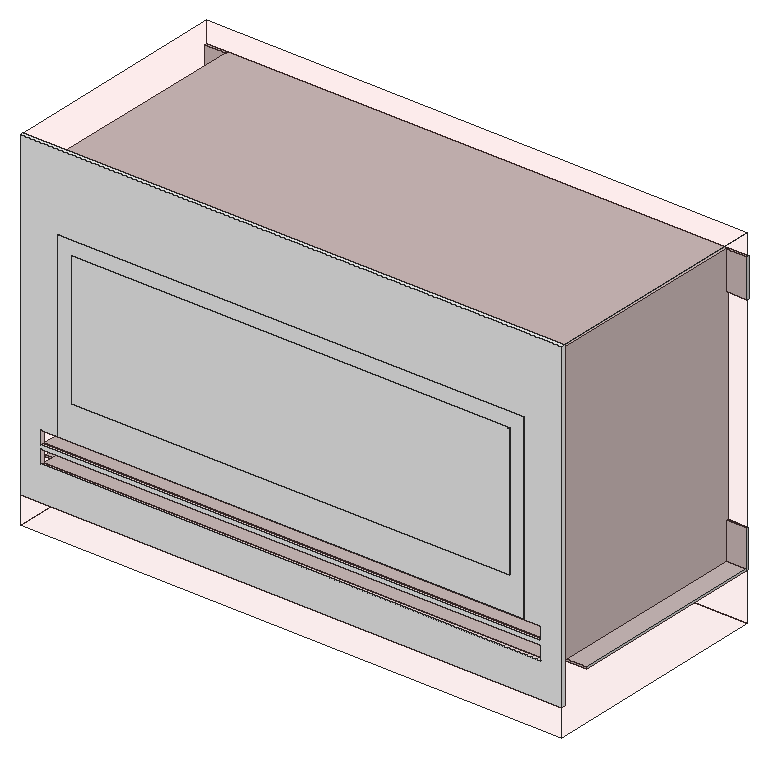
Revit family "Air-Curtain_Customer-Entry_PoweredAire_CLD-CHD", category Mechanical Equipment, host Face, Revit 2025
Family settings
  Host = Face
  Round Connector Dimension = Use Diameter
  Part Type = Normal
  OmniClass Number = 23.75.35.17.21
  OmniClass Title = Air Curtains
  Cut with Voids When Loaded = No
  Maintain Annotation Orientation = No
  Shared = No
  Room Calculation Point = No
Parameters
  Warranty Duration (Years) = 0
  Unit Width Notes = "Other Widths available."  # constant formula
  Unit Width = 3' - 3"
  Unit Weight = 0
  Unit Height = 1' - 4 3/4"
  Unit Depth = 1' - 11 1/4"
  URL = "http://www.poweredaire.com/"
  Test Data = ""
  Temperature Rise_Range = "as Specified"
  Standards Conformance = "as Specified"
  Specification = "http://www.arcat.com/sdspecs/htm04/23_34_33pai.htm"
  SpecWizard = ""
  Sound Pressure = "as Specified"
  Sales Information = "http://www.poweredaire.com/contact_us"
  Revision = "R1_2016-08"
  Projection from Host [instance] = 0' - 2"
  Product Properties = ""
  Product Data = "http://www.arcat.com/arcatcos/cos47/arc47623.html"
  Power Rating = 0 W
  Outlet Volume_Range = "as Specified"
  Outlet Velocity_Range = "as Specified"
  Nozzle Width = if(1 = 1, Unit Width - 0' 3", 0' 0")  # 3' - 0"
  Mounting Width = if(1 = 1, Unit Width - 0' 1 1/2", 0' 0")  # 3' - 1 1/2"
  Mounting Height [instance] = 3' - 6"
  Motor RPM = 0
  Motor HP = 0
  Motor Count = 0
  Model = "As Specified"
  Max Height = 0' - 0"
  Manufacturer Website = "http://www.poweredaire.com/"
  Manufacturer Phone - Toll Free = "888-321-2473"
  Manufacturer Phone = "724-588-3305"
  Manufacturer Fax = "724-588-3371"
  Manufacturer Address = "109 Mortensen Rd.  Greenville, PA 16125"
  Manufacturer = "Powered Aire, Inc"
  Maintenance Schedule (Months) = 0
  Keynote = "23 34 33"
  Installation-Fabrication = ""
  Installation Phase = ""
  Include Clearance [instance] = yes
  Heating Element Load = 0 W
  HVAC_Temperature Rise [instance] = 0 °F
  HVAC_Outlet Volume [instance] = 0 CFM
  HVAC_Outlet Velocity Uniformity = 0
  HVAC_Outlet Velocity [instance] = 0 FPM
  Green Building-LEED = "http://www.arcat.com/green/clients/leed_data_47623.html"
  Front Grating Material [instance] = Metal - Steel - PoweredAire - White Perforated
  Frame Finish [instance] = Metal - Steel - PoweredAire - Stainless 304
  Expected Lifespan (Years) = 0
  Electrical_Wattage [instance] = Power Rating + Heating Element Load  # 0 W
  Electrical_Voltage [instance] = 0 V
  Electrical_Phase [instance] = 1
  Electrical_Frequency [instance] = 0 Hz
  Electrical_Amperage [instance] = 0 A
  Drawn By = "Sumex Design, Inc. / Robert S. Weygant, CSI, CDT, SCIP"
  Description = "Powered Aire Air Curtain as Specified"
  Default Elevation = 0' - 0"  # constant formula
  Cover Finish [instance] = Metal - Steel - PoweredAire - White
  Copyright = "©Arcat Inc."
  Construction Details = "http://www.arcat.com/details/powair/prod3336.html"
  Clearance_Top [instance] = 0' - 0"
  Clearance_Side B [instance] = 0' - 0"
  Clearance_Side A [instance] = 0' - 0"
  Clearance_Intake [instance] = 0' - 0"
  Clearance_Front [instance] = 0' - 0"
  Clearance Material [instance] = ARCAT Clearance
  Building Codes = ""
  Available Options [instance] = "as Specified"
  Assembly Code = "D3090400"
Reference planes (in)
  plane 1 "Center (Elevation)": y = 8.51318
  plane 2: z = 0
  plane 3 "Center (Left/Right)": x = 0
  plane 4: y = 16.88818
  plane 5: y = 0.13818
  plane 6: x = -19.5
  plane 7: x = 19.5
  plane 8: z = 25.25
  plane 9 "FF": y = -41.86182
  plane 10: z = 2
  plane 11: x = 18
  plane 12: x = -18
  plane 13: y = 16.88818
  plane 14: y = 0.13818
  plane 15: x = -19.5
  plane 16: x = 19.5
  plane 17: z = 25.25
  plane 18: y = 0.38818
Forms (in)
  Extrusion 1, solid, material "ARCAT Clearance" <- "Clearance Material", visible <- "Include Clearance"
    sketch origin (0, 0, 0) x (0, 1, 0) y (0, 0, 1)
      loop
        line (0.13818, 25.25) -> (0.13818, 0) -> (16.88818, 0) -> (16.88818, 25.25) -> (0.13818, 25.25)
    from -19.5 to 19.5
  Extrusion 2, solid, material "Metal - Steel - PoweredAire - White" <- "Cover Finish"
    sketch origin (0, 8.51318, 0) x (1, 0, 0) y (0, 0, 1)
      loop
        line (-19.5, 25.25) -> (-19.5, 2) -> (19.5, 2) -> (19.5, 25.25) -> (-19.5, 25.25)
    from 8.125 to 8.375
  Extrusion 3, solid, material "Metal - Steel - PoweredAire - Stainless 304" <- "Frame Finish"
    sketch origin (0, 8.51318, 0) x (1, 0, 0) y (0, 0, 1)
      loop
        line (18, 23.75) -> (-18, 23.75) -> (-18, 3.5) -> (18, 3.5) -> (18, 23.75)
    from -8.375 to 8.125
  Extrusion 4, void
    sketch origin (0, 0, 0) x (0, 1, 0) y (0, 0, 1)
      loop
        line (0.13818, 5.5) -> (0.13818, 4.5) -> (1.88818, 4.5) -> (1.88818, 6.75) -> (0.13818, 6.75) -> (0.13818, 5.75) -> (1.63818, 5.75) -> (1.63818, 5.5) -> (0.13818, 5.5)
    from -18 to 18
  Extrusion 5, solid, material "Metal - Steel - PoweredAire - White" <- "Cover Finish"
    sketch origin (-11.83813, 0.13818, 48) x (-1, 0, 0) y (0, 0, 1)
      loop
        line (4.91187, -41.25) -> (4.91187, -28.25) -> (-28.58813, -28.25) -> (-28.58813, -41.25) -> (4.91187, -41.25)
    from 0 to -0.03125
  Extrusion 6, solid, material "Metal - Steel - PoweredAire - White Perforated" <- "Front Grating Material"
    sketch origin (-11.83813, 0.10693, 48) x (1, 0, 0) y (0, 0, 1)
      loop
        line (-3.91187, -29.25) -> (-3.91187, -38.75) -> (27.58813, -38.75) -> (27.58813, -29.25) -> (-3.91187, -29.25)
    from 0 to 0.03125
  Extrusion 7, solid, material "Metal - Steel - PoweredAire - Stainless 304" <- "Frame Finish"
    sketch origin (-15.17702, -180, 2) x (-1, 0, 0) y (0, -1, 0)
      loop
        line (-33.17702, -196.88818) -> (-33.17702, -182.38818) -> (-34.67702, -182.38818) -> (-34.67702, -196.88818) -> (-33.17702, -196.88818)
      loop
        line (2.82298, -196.88818) -> (4.32298, -196.88818) -> (4.32298, -182.38818) -> (2.82298, -182.38818) -> (2.82298, -196.88818)
    from 1.5 to 1.625
  Extrusion 8, solid, material "Metal - Steel - PoweredAire - Stainless 304" <- "Frame Finish"
    sketch origin (-11.83813, 16.88818, 48) x (-1, 0, 0) y (0, 0, 1)
      loop
        line (7.66187, -44.5) -> (7.66187, -41.75) -> (6.16187, -41.75) -> (6.16187, -44.5) -> (7.66187, -44.5)
      loop
        line (-31.33813, -44.5) -> (-29.83813, -44.5) -> (-29.83813, -41.75) -> (-31.33813, -41.75) -> (-31.33813, -44.5)
      loop
        line (7.66187, -27) -> (7.66187, -24.25) -> (6.16187, -24.25) -> (6.16187, -27) -> (7.66187, -27)
      loop
        line (-31.33813, -27) -> (-29.83813, -27) -> (-29.83813, -24.25) -> (-31.33813, -24.25) -> (-31.33813, -27)
    from 0 to -0.125
Cuts and joins
  Extrusion 4 cuts Extrusion 2
  Extrusion 4 cuts Extrusion 3
Dimensions and locks (in)
  equal spacing: plane 4, plane 1 "Center (Elevation)", plane 5
  "Unit Height": plane 4 to plane 5
  equal spacing: plane 6, plane 3 "Center (Left/Right)", plane 7
  "Unit Width": plane 6 to plane 7
  "Mounting Height": plane 5 to plane 9 "FF"
  "Projection from Host": plane 10 to level
  "Unit Depth": plane 8 to plane 10
  locked: plane 6 to plane 12 at 1.5
  locked: plane 11 to plane 7 at 1.5
  "Clearance_Side A": plane 7 to plane 16
  "Clearance_Side B": plane 15 to plane 6
  "Clearance_Top": plane 13 to plane 4
  "Clearance_Intake": plane 5 to plane 14
  "Clearance_Front": plane 17 to plane 8
  locked: plane 8 to Extrusion 3 sketch curve at 1.5
  locked: Extrusion 3 sketch curve to plane 10 at 1.5
  locked: plane 7 to Extrusion 3 sketch curve at 1.5
  locked: Extrusion 3 sketch curve to plane 6 at 1.5
  locked: plane 18 to plane 5 at 0.25
  Extrusion 4 sketch curve to Extrusion 4 sketch curve to Extrusion 4 sketch curve to Extrusion 4 sketch curve to plane 10 = 0' - 1" locked, 0' - 0 1/4" locked, 0' - 1" locked, 0' - 2 1/2" locked
  Extrusion 5 sketch curve to Extrusion 5 sketch curve to plane 10 = 1' - 1" locked, 0' - 4 3/4" locked
  locked: plane 11 to Extrusion 5 sketch curve at 1.25
  locked: Extrusion 5 sketch curve to plane 12 at 1.25
  Extrusion 6 sketch curve to Extrusion 6 sketch curve to plane 10 = 0' - 9 1/2" locked, 0' - 7 1/4" locked
  locked: Extrusion 6 sketch curve to plane 12 at 2.25
  locked: plane 11 to Extrusion 6 sketch curve at 2.25
  locked: plane 4 to Extrusion 7 sketch curve at 14.5  (x2)
  Extrusion 8 sketch curve to Extrusion 8 sketch curve to Extrusion 8 sketch curve to Extrusion 8 sketch curve to plane 10 = 0' - 2 3/4" locked, 1' - 2 3/4" locked, 0' - 2 3/4" locked, 0' - 1 1/2" locked  (x2)
  aligned and locked: plane 2 to host face
  aligned and locked: level to host face
  aligned and locked: Extrusion 1 sketch curve to plane 17
  aligned and locked: plane 14 to Extrusion 1 sketch curve
  aligned and locked: level to Extrusion 1 sketch curve
  aligned and locked: Extrusion 1 sketch curve to plane 13
  aligned and locked: plane 16 to Extrusion 1
  aligned and locked: Extrusion 1 to plane 15
  aligned and locked: Extrusion 2 sketch curve to plane 8
  aligned and locked: plane 6 to Extrusion 2 sketch curve
  aligned and locked: Extrusion 2 sketch curve to plane 10
  aligned and locked: Extrusion 2 sketch curve to plane 7
  aligned and locked: Extrusion 3 to plane 4
  aligned and locked: Extrusion 3 to plane 18
  aligned and locked: Extrusion 2 to plane 18
  aligned and locked: Extrusion 2 to plane 5
  aligned and locked: plane 11 to Extrusion 4
  aligned and locked: Extrusion 4 to plane 12
  aligned and locked: Extrusion 7 sketch curve to plane 4  (x2)
Automatic sketch dimensions
  host sketch curve to host sketch curve = 8' - 0"  (x2)
  Extrusion 4 sketch curve to plane 5 = 0' - 0"  (x2)
  plane 18 to Extrusion 4 sketch curve = 0' - 1 1/4"
  Extrusion 4 sketch curve to Extrusion 4 sketch curve = 0' - 0 1/4"
  Extrusion 7 sketch curve to plane 7 = 0' - 0"
  Extrusion 7 sketch curve to plane 11 = 0' - 0"
  Extrusion 7 sketch curve to plane 12 = 0' - 0"
  Extrusion 7 sketch curve to plane 6 = 0' - 0"
  Extrusion 8 sketch curve to plane 7 = 0' - 0"  (x2)
  Extrusion 8 sketch curve to plane 11 = 0' - 0"  (x2)
  Extrusion 8 sketch curve to plane 12 = 0' - 0"  (x2)
  Extrusion 8 sketch curve to plane 6 = 0' - 0"  (x2)
Connectors (in)
  electrical at (-18, 4.88818, 9.625), driven by "Electrical_Voltage", driven by "Electrical_Phase"
    settings: on cut or joined group of Extrusion 3, Extrusion 4, index 1, voltage 0 V, apparent load 0 VA, apparent load phase1 0 VA, apparent load phase2 0 VA, apparent load phase3 0 VA, power factor 1, load classification "Other", number of poles 1, system type 31, power factor state 1, is connector primary yes, connector utility no, sub classification motor no, connector description ""
